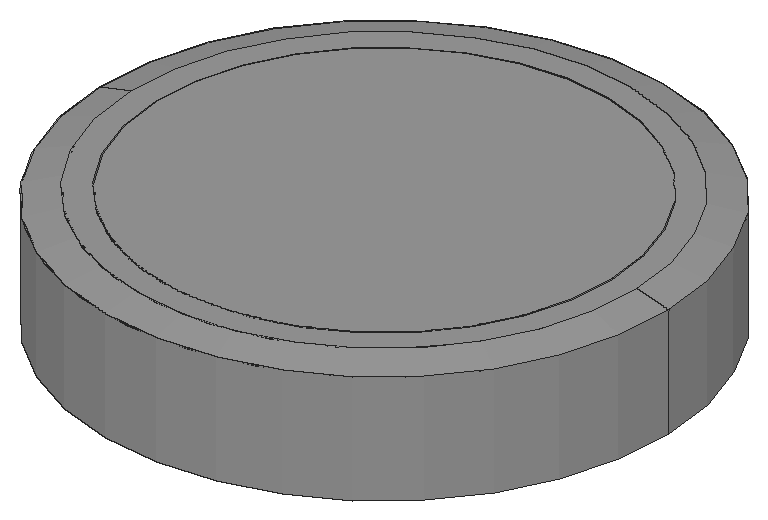
Revit family "0054104", category Lighting Fixtures, host Face, Revit 2018
Family settings
  Host = Face
  Round Connector Dimension = Use Diameter
  Part Type = Normal
  OmniClass Number = 23.80.70.00
  OmniClass Title = Lighting
  Cut with Voids When Loaded = No
  Light Source = Yes
  Shared = No
  Room Calculation Point = No
Parameters (values of type "0054104 START ECO DOWNLIGHT 215 1250LM 830 SRFC")
  lens dia = 172 mm
  chamfer dia = 191 mm
  Weight = "n/a"
  Wattage Comments = ""
  Wattage = 9.2903 W
  WarrantyStartDate [instance] = "n/a"
  WarrantyGuarantorParts = "n/a"
  WarrantyDurationUnit = "n/a"
  WarrantyDurationParts = ""
  WarrantyDescription = "http://www.sylvania-lighting.com"
  built-in parameter 1150110 = 1 (stored number, unit not read)
  Voltage = 0 V
  URL = "0.5"
  TypeName = "START eco Downlight 215 1250lm 830 Surface"
  Type Image = <None>
  Type Comments = "n/a"
  built-in parameter 1114217 = 1 (stored number, unit not read)
  Tilt Angle = -90.00°
  built-in parameter 1150109 = 1 (stored number, unit not read)
  built-in parameter 1150134 = 3
  built-in parameter 1150113 = 1 (stored number, unit not read)
  SerialNumber [instance] = "n/a"
  Photometric Web File = "0054104.ies"
  Material_3_SYL = none
  PowerFactor = 0
  PowerConsumption = "Lighting"
  NominalLength = 215 mm
  NominalHeight = 44.9 mm
  NominalDepth = 215 mm
  Name = "START eco Downlight 215 1250lm 830 Surface"
  ModelReference = Name  # "START eco Downlight 215 1250lm 830 Surface"
  ModelNumber = "0054104"
  Model = Name  # "START eco Downlight 215 1250lm 830 Surface"
  Material = "Feilo Sylvania"
  ManufacturerName = "83 lm/W"
  Manufacturer = ""
  LuminousEfficacy = ""
  built-in parameter 1150105 = 109.82 (stored number, unit not read)
  Lumens = 1380 lm
  LuminaireType = "0"
  built-in parameter 1150115 = 1 (stored number, unit not read)
  LightOutputRatio = "LED"
  built-in parameter 1150137 = (empty or 0)
  built-in parameter 1150139 = (empty or 0)
  LampsType = Lamp  # "n/a"
  LampNominalLuminous = "3000 K"
  LampMacAdamStep = "80"
  LampColourTemperature = "LED"
  LampColourRenderingIndex = "16500"
  built-in parameter 1150112 = 1 (stored number, unit not read)
  built-in parameter 1150114 = 1 (stored number, unit not read)
  Lamp = "n/a"
  Keynote = "n/a"
  InstallationDate [instance] = "n/a"
  InputVoltage = "0"
  InputNominalFrequency = "3000"
  built-in parameter 1150132 = (empty or 0)
  built-in parameter 1150102 = (empty or 0)
  built-in parameter 1150107 = 3200 (stored number, unit not read)
  built-in parameter 1150138 = (empty or 0)
  IngressProtection = "IfcLightFixtureType"
  ImpactProtectionIndex = "IfcLightFixtureType"
  built-in parameter 1150106 = 1.0982 (stored number, unit not read)
  IfcExportType = "IfcLightFixtureType"
  IfcExportAs = "Class II"
  Emit from Circle Diameter = 609.6 mm
  Emit Shape Visible in Rendering = no
  ElectricShockClassification = "83"
  built-in parameter 1150104 = 13.8 (stored number, unit not read)
  DocumentationLiterature = "http://www.sylvania-lighting.com/product/en-int/products/0054104"
  DimmingControlOptions = "n/a"
  Material_2_SYL = none
  Dimming Lamp Color Temperature Shift = <None>
  Description = "START eco Downlight is an integrated LED surface mounted downlight with built-in non dimmable driver; 15W; 1250Lm; 83Lm/W; 3000K."
  Default Elevation = 1219.2 mm
  CreatedOn = "21/09/2022"
  CreatedBy = "@sylvania-lighting.com"
  Cost = 0
  Color Filter = 16777215
  built-in parameter 1114216 [instance] = (empty or 0)
  ClassificationValue = "EF_70_80"
  ClassificationName = "Uniclass2015"
  Material_1_SYL = none
  BarCode [instance] = "n/a"
  built-in parameter 1114218 = 1 (stored number, unit not read)
  built-in parameter 1150133 = 10 (stored number, unit not read)
  AssetType = "Fixed"
  AssetIdentifier [instance] = "n/a"
  Assembly Code = "D5020200"
  Apparent Load = 15 VA
  Material_4_SYL = none
Reference planes
  plane 1 "Center (Front/Back)": y = 0
  plane 2: z = 0
  plane 3 "Center (Left/Right)": x = 0
  plane 4: x = -107.5
  plane 5: x = 107.5
  plane 6: y = 107.5
  plane 7: y = -107.5
  plane 8: z = 44.9
  plane 9: y = 95.5
  plane 10: y = -95.5
  plane 11: y = 86
  plane 12: y = -86
Forms (mm)
  Extrusion 1, solid, material "Aluminum", detail levels medium+fine
    sketch origin (0, 0, 0) x (1, 0, 0) y (0, 1, 0)
      loop
        circle (0, 0) r 107.5
    from 0 to 42
  Blend 2, solid, material "Aluminum", detail levels medium+fine
    base sketch origin (0, 0, 0) x (1, 0, 0) y (0, 1, 0)
      loop
        circle (0, 0) r 107.5
    top sketch origin (0, 0, 0) x (1, 0, 0) y (0, 1, 0)
      loop
        circle (0, 0) r 95.5
    from 42 to 44.9
  Extrusion 3, void
    sketch origin (0, 0, 0) x (1, 0, 0) y (0, 1, 0)
      loop
        circle (0, 0) r 86
    from 44.9 to 43.9
  Extrusion 4, solid, material "Glass, White, High Luminance", detail levels fine
    sketch origin (0, 0, 0) x (1, 0, 0) y (0, 1, 0)
      loop
        circle (0, 0) r 86
    from 44.9 to 43.9
  Extrusion 5, solid, detail levels coarse
    sketch origin (0, 0, 0) x (1, 0, 0) y (0, 1, 0)
      loop
        line (-107.5, 107.5) -> (-107.5, -107.5) -> (107.5, -107.5) -> (107.5, 107.5) -> (-107.5, 107.5)
    from 0 to 44.9
Cuts and joins
  Extrusion 3 cuts Extrusion 1
  Extrusion 3 cuts Blend 2
Dimensions and locks
  "NominalLength": plane 4 to plane 5
  equal spacing: plane 4, plane 3 "Center (Left/Right)", plane 5
  "NominalDepth": plane 6 to plane 7
  equal spacing: plane 6, plane 1 "Center (Front/Back)", plane 7
  "NominalHeight": plane 8 to level
  "chamfer dia": plane 9 to plane 10
  equal spacing: plane 9, plane 1 "Center (Front/Back)", plane 10
  "lens dia": plane 12 to plane 11
  equal spacing: plane 12, plane 1 "Center (Front/Back)", plane 11
  aligned and locked: plane 2 to host face
  aligned and locked: level to host face
Automatic sketch dimensions
  host sketch curve to host sketch curve = 2438.4 mm  (x2)
  plane 1 "Center (Front/Back)" to Extrusion 1 sketch curve = 0 mm
  Extrusion 1 sketch curve to plane 3 "Center (Left/Right)" = 0 mm
  plane 1 "Center (Front/Back)" to Blend 2 sketch curve = 0 mm  (x2)
  Blend 2 sketch curve to plane 3 "Center (Left/Right)" = 0 mm  (x2)
  plane 1 "Center (Front/Back)" to Extrusion 3 sketch curve = 0 mm
  Extrusion 3 sketch curve to plane 3 "Center (Left/Right)" = 0 mm
  plane 1 "Center (Front/Back)" to Extrusion 4 sketch curve = 0 mm
  Extrusion 4 sketch curve to plane 3 "Center (Left/Right)" = 0 mm
  Extrusion 5 sketch curve to plane 4 = 0 mm
  Extrusion 5 sketch curve to plane 5 = 0 mm
  Extrusion 5 sketch curve to plane 7 = 0 mm
  Extrusion 5 sketch curve to plane 6 = 0 mm
  radius of Extrusion 1 sketch curve = 107.5 mm
  radius of Blend 2 sketch curve = 107.5 mm
  radius of Blend 2 sketch curve = 95.5 mm
  radius of Extrusion 3 sketch curve = 86 mm
  radius of Extrusion 4 sketch curve = 86 mm
Connectors
  electrical at (0, 0, 0), driven by "Apparent Load", driven by "PowerFactor", driven by "Voltage"
    settings: index 1, voltage 0 V, apparent load 15 VA, apparent load phase1 0 VA, apparent load phase2 0 VA, apparent load phase3 0 VA, power factor 0, load classification "Lighting", number of poles 1, system type 30, power factor state 1, is connector primary yes, connector utility no, sub classification motor no, connector description ""
